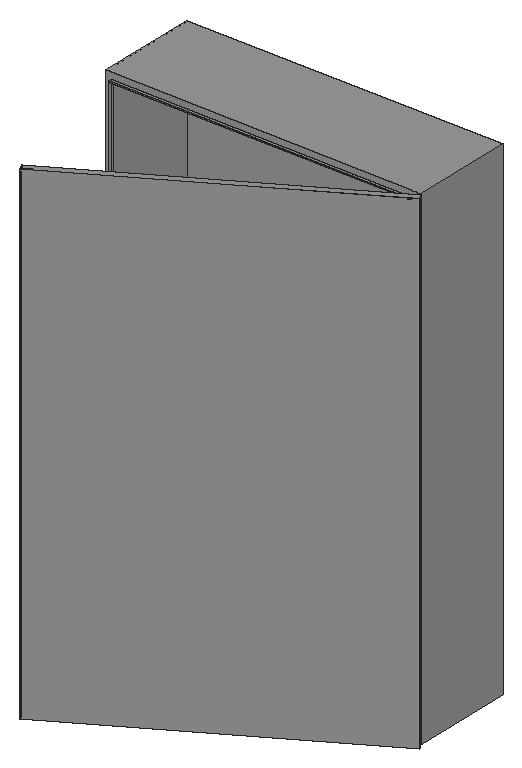
Revit family "Hager-Univers-IP55-D275-H1250-Cl.I-Steel_encl-NoHosted-CH-fr", category Electrical Equipment, Revit 2020
Family settings
  Panel Configuration = Two Columns, Circuits Across
  Round Connector Dimension = Use Diameter
  Part Type = Panelboard
  Work Plane-Based = Yes
  Always vertical = Yes
  Cut with Voids When Loaded = No
  Shared = No
  Room Calculation Point = No
Parameters (values of type "saillie IP55 L800 H1250 P275  - FR83E")
  Width Control [instance] = if([EF000008 - largeur] > Min Width, [EF000008 - largeur], Min Width)  # 800 mm
  Type Comments = [HG000003 - Gamme]  # "Univers"
  Thickness Door [instance] = if([EF009171 - épaisseur de matériau de la porte/du couvercle] > 3 mm, 3 mm, [EF009171 - épaisseur de matériau de la porte/du couvercle])  # 1.5 mm
  Seal Frame Offset [instance] = 17 mm  # constant formula
  Plinth Visibility [instance] = [HG000027 - Hauteur du socle] > 0 mm  # no
  Min Width [instance] = 100 mm  # constant formula
  Min Depth [instance] = (2 * [EF009170 - épaisseur de matériau du boîtier]) + 1 mm  # 4 mm
  Min Height [instance] = 100 mm  # constant formula
  Internal Frame Depth [instance] = (Door System Depth * 0.5)  # 9 mm
  Panel Name [instance] = ""  # (empty or 0)
  Model = ""
  HG000027 - Hauteur du socle = 0 mm
  HG000026 - Installation au sol = no
  HG000024 - Hauteur de la section basse = 600 mm
  HG000023 - Armoire double section = no
  HG000016 - Visibilité de la porte 3D [instance] = yes
  HG000015 - Visibilité de l'emprise de la porte [instance] = no
  HG000014 - Porte à droite [instance] = yes
  HG000013 - Porte à gauche [instance] = not([HG000014 - Porte à droite])  # no
  HG000012 - Angle de pivotement de la porte [instance] = 30.00°
  HG000010 - Portes asymétriques = no
  HG000009 - Porte à double battant = no
  HG000006 - Encastré = no
  HG000004 - Référence fabricant = "FR83E"
  HG000003 - Gamme = "Univers"
  HG000002 - avec porte = yes
  Frame Offset Bottom [instance] = 10 mm  # constant formula
  Frame Offset [instance] = 15 mm  # constant formula
  EF015940 - couvercle avec décharge de pression = no
  EF011959 - degré de protection (NEMA) = ""
  EF009554 - nombre d'ouvertures pour plaques à bride = 6
  EF009212 - finition du couvercle = "EV000116 - fermé"
  EF009171 - épaisseur de matériau de la porte/du couvercle = 1.5 mm
  EF009170 - épaisseur de matériau du boîtier = 1.5 mm
  EF008873 - courant nominal (In) = 800 A
  EF007800 - adapté à un parafoudre = no
  EF006306 - avec serrure = no
  EF006244 - couvercle/porte transparent(e) = no
  EF005474 - indice de protection (IP) = "EV006420 - IP55"
  EF004464 - type de porte = "EV002646 - unique"
  EF004427 - nombre de modules = 288
  EF004293 - indice de protection contre les chocs (IK) = "EV008784 - IK10"
  EF003532 - convient pour utilisation à l’extérieur = no
  EF002950 - largeur en nombre de modules = 24
  EF001613 - maintien de fonction = "EV000494 - sans"
  EF001596 - matériau du boîtier/corps = "EV000179 - acier"
  EF001131 - profondeur intérieure = 275 mm
  EF001088 - possibilité de montage en saillie = yes
  EF000437 - nombre d'entrées de conduit = 6
  EF000339 - type de capot = "EV004216 - porte"
  EF000266 - nombre de rangées = 8
  EF000218 - profondeur d'encastrement = 0 mm
  EF000118 - avec cadre/support de montage = no
  EF000116 - numéro RAL = "7035"
  EF000049 - profondeur = 275 mm
  EF000040 - hauteur = 1250 mm
  EF000008 - largeur = 800 mm
  EF000007 - couleur = "EV000270 - gris"
  EF000003 - mode de pose = "EV000384 - saillie"
  Door System Leaf Tolerance [instance] = 1.5 mm  # constant formula
  Door System Depth [instance] = 18 mm  # constant formula
  Door Height [instance] = Height Control - [HG000027 - Hauteur du socle]  # 1250 mm
  Description = ""
  Default Elevation = 1219.2 mm
  Connector Offset [instance] = Height Control / 2  # 625 mm
  Manufacturer = "Hager"  # constant formula
  Height Control [instance] = if([EF000040 - hauteur] > Min Height, [EF000040 - hauteur], Min Height)  # 1250 mm
  Depth Control [instance] = if([EF000049 - profondeur] > Min Depth, [EF000049 - profondeur], Min Depth)  # 275 mm
  Bottom Top Plate Trim [instance] = 1.5 mm  # constant formula
  Plinth height Ctrl [instance] = if([HG000027 - Hauteur du socle] > 0 mm, [HG000027 - Hauteur du socle], 12 mm)  # 12 mm
Types (5, lengths in mm): name | Width Control | HG000010 - Portes asymétriques | HG000009 - Porte à double battant | HG000004 - Référence fabricant | EF009554 - nombre d'ouvertures pour plaques à bride | EF004464 - type de porte | EF004427 - nombre de modules | EF000437 - nombre d'entrées de conduit | EF000008 - largeur
  saillie IP55 L1050 H1250 P275  - FR84E | 1050 | no | yes | "FR84E" | 8 | "EV003602 - double" | 384 | 8 | 1050
  saillie IP55 L1300 H1250 P275  - FR85E | 1300 | yes | yes | "FR85E" | 10 | "EV003602 - double" | 480 | 10 | 1300
  saillie IP55 L300 H1250 P275  - FR81E | 300 | no | no | "FR81E" | 2 | "EV002646 - unique" | 96 | 2 | 300
  saillie IP55 L550 H1250 P275  - FR82E | 550 | no | no | "FR82E" | 4 | "EV002646 - unique" | 192 | 4 | 550
  saillie IP55 L800 H1250 P275  - FR83E | 800 | no | no | "FR83E" | 6 | "EV002646 - unique" | 288 | 6 | 800
Reference planes
  plane 1 "Center (Front/Back)": y = 0
  plane 2: z = 0
  plane 3 "Center (Left/Right)": x = 0
  plane 4: y = 0
  plane 5: y = 0
  plane 6: z = 0
  plane 7: x = -400
  plane 8: x = 400
  plane 9: x = 398.5
  plane 10: x = -398.5
  plane 11: z = 0
  plane 12: z = 1.5
  plane 13: y = -275
  plane 14: y = -1.5
  plane 15: x = 0
  plane 16: y = -257
  plane 17: y = -273.5
  plane 18: y = -255.5
  plane 19: x = -383.5
  plane 20: x = 383.5
  plane 21: z = 11.5
  plane 22: x = -383
  plane 23: x = 383
  plane 24: z = 0
  plane 25: z = 1250
  plane 26: z = 1250
  plane 27: z = 1233.5
  plane 28: z = 1248.5
Forms (mm)
  Extrusion 1, solid, material "Hager_Steel_RAL7035_Light_Grey", detail levels medium+fine
    sketch origin (-208.679, -4572, 0) x (-1, 0, 0) y (0, -1, 0)
      loop
        line (191.321, -4315) -> (-608.679, -4315) -> (-608.679, -4572) -> (191.321, -4572) -> (191.321, -4315)
    from 0 to 1250
  Extrusion 2, void
    sketch origin (-350.771, -275, 1219.2) x (1, 0, 0) y (0, 0, 1)
      loop
        line (-47.729, 29.3) -> (-47.729, -1217.7) -> (749.271, -1217.7) -> (749.271, 29.3) -> (-47.729, 29.3)
    from -19.5 to -273.5
  Extrusion 3, void
    sketch origin (-290.084, -257, 1219.2) x (1, 0, 0) y (0, 0, 1)
      loop
        line (-93.416, -1207.7) -> (673.584, -1207.7) -> (673.584, 14.3) -> (-93.416, 14.3) -> (-93.416, -1207.7)
    from 0 to -1.5
  Extrusion 4, solid, material "Hager_Steel_RAL7035_Light_Grey", visible <- "Plinth Visibility", detail levels medium+fine
    sketch origin (0, 0, 0) x (1, 0, 0) y (0, 1, 0)
      loop
        line (-400, 0) -> (-400, -257) -> (400, -257) -> (400, 0) -> (-400, 0)
    from 0 to 12 <- "Plinth height Ctrl"
  Extrusion 5, solid, material "Hager_Steel_RAL7035_Light_Grey", detail levels coarse
    sketch origin (0, 0, 0) x (1, 0, 0) y (0, 1, 0)
      loop
        line (-400, 0) -> (-400, -275) -> (400, -275) -> (400, 0) -> (-400, 0)
    from 0 to 1250 <- "Height Control"
  Sweep 6, void
    path in 3D
      loop
        line (-400, -257, 12) -> (400, -257, 12) -> (400, 0, 12) -> (-400, 0, 12) -> (-400, -257, 12)
    profile origin (-400, -128.5, 12) x (1, 0, 0) y (0, 0, 1)
      loop
        line (0, 0) -> (0, -1.5) -> (1.5, -1.5)
        arc (1.5, -1.5) -> (1.061, -0.439) -> (0, 0) r 1.5
  Extrusion 7, solid, material "Hager_Steel_RAL7035_Light_Grey", detail levels fine
    sketch origin (-400, -257, 0) x (1, 0, 0) y (0, 0, 1)
      loop
        line (16.5, 11.5) -> (783.5, 11.5) -> (783.5, 1233.5) -> (16.5, 1233.5) -> (16.5, 11.5)
      loop
        line (15, 10) -> (785, 10) -> (785, 1235) -> (15, 1235) -> (15, 10)
    from 0 to 9 <- "Internal Frame Depth"
Cuts and joins
  Extrusion 2, Extrusion 3 cuts Extrusion 1
  Sweep 6 cuts Extrusion 4
Lines and regions (mm)
  Masking region 1
    outline origin (0, 0, 0) x (1, 0, 0) y (0, 1, 0)
      loop
        line (-400, 0) -> (-400, -275) -> (400, -275) -> (400, 0) -> (-400, 0)
  Masking region 2, detail levels coarse
    outline origin (-290.084, -257, 1219.2) x (-1, 0, 0) y (0, 0, 1)
      loop
        line (-690.084, -1219.2) -> (109.916, -1219.2) -> (109.916, 30.8) -> (-690.084, 30.8) -> (-690.084, -1219.2)
  Masking region 3, detail levels coarse
    outline origin (0, 0, 0) x (0, 1, 0) y (0, 0, 1)
      loop
        line (0, 0) -> (0, 1250) -> (-275, 1250) -> (-275, 0) -> (0, 0)
  Masking region 4, visible <- "Plinth Visibility", detail levels medium+fine
    outline origin (0, 0, 0) x (0, 1, 0) y (0, 0, 1)
      loop
        line (-1.5, 12) -> (-255.5, 12)
        arc (-255.5, 12) -> (-255.939, 10.939) -> (-257, 10.5) r 1.5
        line (-257, 10.5) -> (-257, 0) -> (0, 0) -> (0, 10.5)
        arc (0, 10.5) -> (-1.061, 10.939) -> (-1.5, 12) r 1.5
  Masking region 5, detail levels medium+fine
    outline origin (0, 0, 594.038) x (0, 1, 0) y (0, 0, 1)
      loop
        line (0, -594.038) -> (0, 655.962) -> (-257, 655.962) -> (-257, -594.038) -> (0, -594.038)
  Masking region 6, detail levels medium+fine
    outline origin (-359.7, -257, 1211.883) x (-1, 0, 0) y (0, 0, 1)
      loop
        line (-759.7, -1211.883) -> (40.3, -1211.883) -> (40.3, 38.117) -> (-759.7, 38.117) -> (-759.7, -1211.883)
  Masking region 7, visible <- "Plinth Visibility", detail levels medium+fine
    outline origin (-320.334, -257, 1041.368) x (-1, 0, 0) y (0, 0, 1)
      loop
        line (-720.334, -1041.368) -> (79.666, -1041.368) -> (79.666, -1030.868)
        arc (79.666, -1030.868) -> (78.606, -1030.429) -> (78.166, -1029.368) r 1.5
        line (78.166, -1029.368) -> (-718.834, -1029.368)
        arc (-718.834, -1029.368) -> (-719.273, -1030.429) -> (-720.334, -1030.868) r 1.5
        line (-720.334, -1030.868) -> (-720.334, -1041.368)
  sketch lines
    curve 1: line (-400, 0, 12) -> (-400, -257, 12)
    curve 2: line (-400, -257, 12) -> (400, -257, 12)
    curve 3: line (400, 0, 12) -> (-400, 0, 12)
    curve 4: line (400, -257, 12) -> (400, 0, 12)
Dimensions and locks
  locked: plane 1 "Center (Front/Back)" to plane 5
  "EF009170 - épaisseur de matériau du boîtier": plane 7 to plane 10
  "EF009170 - épaisseur de matériau du boîtier": plane 8 to plane 9
  equal spacing: plane 7, plane 3 "Center (Left/Right)", plane 8
  "Width Control": plane 7 to plane 8
  "Depth Control": plane 4 to plane 13
  "EF009170 - épaisseur de matériau du boîtier": plane 4 to plane 14
  "Height Control": plane 25 to level
  "HG000027 - Hauteur du socle": plane 11 to level
  "EF009170 - épaisseur de matériau du boîtier": plane 12 to plane 11
  "EF009170 - épaisseur de matériau du boîtier": plane 17 to plane 13
  "EF009170 - épaisseur de matériau du boîtier": plane 18 to plane 16
  "Frame Offset Bottom": plane 21 to plane 12
  "Frame Offset": plane 10 to plane 19
  "Frame Offset": plane 9 to plane 20
  "Door System Depth": plane 16 to plane 13
  "Seal Frame Offset": plane 7 to plane 22
  "Seal Frame Offset": plane 8 to plane 23
  "EF009170 - épaisseur de matériau du boîtier": plane 26 to plane 28
  "Frame Offset": plane 28 to plane 27
  "Connector Offset": plane 2 to connector elem
  "Bottom Top Plate Trim": profile plane to Sweep 6 sketch curve
  "Bottom Top Plate Trim": Sweep 6 sketch curve to Sweep 6 sketch curve
  "Plinth height Ctrl": Masking region 4 sketch curve to level
  "Plinth height Ctrl": Masking region 7 sketch curve to level
  "Thickness Door": Extrusion 7 sketch curve to Extrusion 7 sketch curve  (x4)
  "Bottom Top Plate Trim": radius of Sweep 6 sketch curve
  "Bottom Top Plate Trim": radius of Masking region 4 sketch curve  (x2)
  "Bottom Top Plate Trim": radius of Masking region 7 sketch curve  (x2)
  aligned and locked: Extrusion 2 sketch curve to plane 12
  aligned and locked: Extrusion 2 sketch curve to plane 9
  aligned and locked: Extrusion 2 sketch curve to plane 10
  aligned and locked: Extrusion 2 to plane 14
  aligned and locked: Extrusion 1 sketch curve to plane 4
  aligned and locked: plane 8 to Extrusion 1 sketch curve
  aligned and locked: plane 7 to Extrusion 1 sketch curve
  aligned and locked: Extrusion 2 to plane 18
  aligned and locked: Extrusion 3 sketch curve to plane 19
  aligned and locked: plane 20 to Extrusion 3 sketch curve
  aligned and locked: Extrusion 3 to Extrusion 2
  aligned and locked: Extrusion 3 sketch curve to plane 21
  aligned and locked: plane 3 "Center (Left/Right)" to nested 1
  aligned and locked: Extrusion 1 sketch curve to plane 16
  aligned and locked: Extrusion 4 sketch curve to cut or joined group of Extrusion 1, Extrusion 2, Extrusion 3
  aligned and locked: Masking region 1 sketch curve to plane 7
  aligned and locked: Masking region 1 sketch curve to plane 5
  aligned and locked: Masking region 1 sketch curve to plane 8
  aligned and locked: Masking region 2 sketch curve to level
  aligned and locked: level to Masking region 3 sketch curve
  aligned and locked: plane 1 "Center (Front/Back)" to Masking region 3 sketch curve
  aligned and locked: plane 13 to Masking region 3 sketch curve
  aligned and locked: plane 5 to Masking region 4 sketch curve
  aligned and locked: Masking region 2 sketch curve to plane 8
  aligned and locked: Masking region 2 sketch curve to plane 7
  aligned and locked: plane 7 to nested 2
  aligned and locked: nested 2 to plane 5
  aligned and locked: plane 5 to Masking region 5 sketch curve
  aligned and locked: plane 26 to Masking region 5 sketch curve
  aligned and locked: Extrusion 5 sketch curve to plane 8
  aligned and locked: Extrusion 5 sketch curve to plane 7
  aligned and locked: Extrusion 5 sketch curve to plane 5
  aligned and locked: Extrusion 3 sketch curve to plane 27
  aligned and locked: Extrusion 2 sketch curve to plane 28
  aligned and locked: Masking region 2 to plane 25
  aligned and locked: Extrusion 4 to plane 16
  aligned and locked: profile plane to Sweep 6 sketch curve
  aligned and locked: Masking region 5 sketch curve to plane 24
  aligned and locked: level to Masking region 4 sketch curve
  aligned and locked: Masking region 1 to plane 13
  aligned and locked: nested 1 to plane 16
  aligned and locked: Masking region 3 to plane 25
  aligned and locked: plane 16 to Masking region 4 sketch curve
  aligned and locked: Masking region 5 sketch curve to plane 16
  aligned and locked: plane 24 to plane 11
  aligned and locked: plane 26 to plane 25
  aligned and locked: plane 26 to cut or joined group of Extrusion 1, Extrusion 2, Extrusion 3
  aligned and locked: nested 1 to plane 24
  aligned and locked: Extrusion 1 to Extrusion 3
  aligned and locked: Masking region 6 sketch curve to plane 8
  aligned and locked: Masking region 6 sketch curve to plane 24
  aligned and locked: Masking region 6 sketch curve to plane 7
  aligned and locked: Masking region 6 sketch curve to plane 26
  aligned and locked: Masking region 7 sketch curve to plane 7
  aligned and locked: level to Masking region 7 sketch curve
  aligned and locked: Masking region 7 sketch curve to plane 8
  aligned and locked: Extrusion 7 sketch curve to cut or joined group of Extrusion 1, Extrusion 2, Extrusion 3  (x4)
Automatic sketch dimensions
  plane 19 to Extrusion 3 sketch curve = 0 mm
  Extrusion 3 sketch curve to plane 20 = 0 mm
  Extrusion 3 sketch curve to plane 21 = 0 mm
  Extrusion 4 sketch curve to plane 7 = 0 mm
  Extrusion 4 sketch curve to plane 8 = 0 mm
  Extrusion 4 sketch curve to plane 16 = 0 mm
  Masking region 1 sketch curve to plane 13 = 0 mm
  Masking region 2 sketch curve to plane 25 = 0 mm
  Masking region 3 sketch curve to plane 25 = 0 mm
  Extrusion 5 sketch curve to plane 13 = 0 mm
  profile plane to Sweep 6 sketch curve = 0 mm
Nested families
  nested 1: "EC000058_Univers_Door" at (0, -257, 0), Double <- "HG000009 - Porte à double battant", Transparent <- "EF006244 - couvercle/porte transparent(e)", Angle <- "HG000012 - Angle de pivotement de la porte", Door_Right <- "HG000014 - Porte à droite", Assymetrical <- "HG000010 - Portes asymétriques", Door <- "HG000002 - avec porte", Width_Ctrl <- "Width Control", 3d_Door <- "HG000016 - Visibilité de la porte 3D", Clearance <- "HG000015 - Visibilité de l'emprise de la porte", Door_Left <- "HG000013 - Porte à gauche", Width <- "Width Control", Door_Depth <- "Door System Depth", Leaf_Tolerance <- "Door System Leaf Tolerance", Height <- "Door Height", Lock_Visibility <- "EF006306 - avec serrure", Thickness <- "Thickness Door", type "EC000058_Univers_Door", detail levels medium+fine
    with min_wh 4 mm, Width_Ctrl 800 mm, Width 800 mm, Transparent no, Thickness 1.5 mm, Seal_Material Hager_Rubber, Lock_Visibility no, Lock_Material Hager_Plastic_RAL9005_Jet_Black, Leaf_Width 800 mm, Leaf_Tolerance_External_Sides 0 mm, Leaf_Tolerance 1.5 mm, Leaf_Offset 0 mm, Leaf_Height 1247 mm, Leaf_2_Width 800 mm, Leaf_2_Offset 400 mm, Leaf_1_Width 800 mm, Leaf_1_Offset 400 mm, Height_Ctrl 1250 mm, Height 1250 mm, Glass_Material Hager_Glass, Double_Clearance_Ctrl no, Double no, Door_Right_Ctrl yes, Door_Right yes, Door_Material Hager_Steel_RAL7035_Light_Grey, Door_Left_Ctrl no, Door_Left no, Door_Depth 18 mm, Door yes, Clearance_Material Hager_Clearance, Clearance_Depth 800 mm, Clearance_Ctrl no, Clearance no, Assymetrical no, Angle 30.00°, 3d_Door yes
  nested 2: "Hager_Enclosure_Symbol" at (-400, 0, 0), Height <- "Depth Control", Width <- "Width Control", type "Hager_Enclosure_Symbol"
    with Width_Ctrl 800 mm, Width 800 mm, Height_Ctrl 275 mm, Height 275 mm, A_Width_Int 18.047 mm, A_Width 216.562 mm, A_Height_Ctrl 240.625 mm, A_Height 240.625 mm
Connectors
  electrical at (0, 0, 625)
    settings: on plane 1 "Center (Front/Back)", index 1, voltage 0 V, apparent load 0 VA, apparent load phase1 0 VA, apparent load phase2 0 VA, apparent load phase3 0 VA, power factor 1, load classification "Other", number of poles 1, system type 30, power factor state 1, is connector primary yes, connector utility no, sub classification motor no, connector description ""
Definition of nested family "EC000058_Univers_Door"
  Parameters (values of type "EC000058_Univers_Door")
    min_wh [instance] = (2 * Thickness) + 1 mm  # 11 mm
    Width_Ctrl [instance] = 400 mm
    Width [instance] = 500 mm
    Transparent [instance] = yes
    Thickness [instance] = 5 mm
    Seal_Material [instance] = none
    Lock_Visibility [instance] = yes
    Lock_Material [instance] = none
    Leaf_Width [instance] = if((Width_Ctrl - 2 * Leaf_Tolerance_External_Sides) > 0 mm, (Width_Ctrl - 2 * Leaf_Tolerance_External_Sides), min_wh)  # 400 mm
    Leaf_Tolerance_External_Sides [instance] = 0 mm  # constant formula
    Leaf_Tolerance [instance] = 1.5 mm
    Leaf_Offset [instance] = 0 mm  # constant formula
    Leaf_Height [instance] = if((Height_Ctrl - 2 * Leaf_Tolerance) > 0 mm, (Height_Ctrl - 2 * Leaf_Tolerance), min_wh)  # 497 mm
    Leaf_2_Width [instance] = if(and(and(Double, Assymetrical), Door_Left), (Leaf_Width / 3) - (Leaf_Tolerance / 2), if(and(and(Double, Assymetrical), Door_Right), (Leaf_Width / 3) * 2 - (Leaf_Tolerance / 2), if(and(Double, not(Assymetrical)), (Leaf_Width / 2) - Leaf_Tolerance, Leaf_Width)))  # 400 mm
    Leaf_2_Offset [instance] = if(and(Double, Assymetrical), Leaf_2_Width / 2, if(and(Double, not(Assymetrical)), Leaf_Width / 4, Leaf_Width / 2))  # 200 mm
    Leaf_1_Width [instance] = if(and(and(Double, Assymetrical), Door_Right), (Leaf_Width / 3) - (Leaf_Tolerance / 2), if(and(and(Double, Assymetrical), Door_Left), (Width / 3) * 2 - (Leaf_Tolerance / 2), if(and(Double, not(Assymetrical)), (Leaf_Width / 2) - Leaf_Tolerance, Leaf_Width)))  # 400 mm
    Leaf_1_Offset [instance] = if(and(Double, Assymetrical), Leaf_1_Width / 2, if(and(Double, not(Assymetrical)), Leaf_Width / 4, Leaf_Width / 2))  # 200 mm
    Height_Ctrl [instance] = if(Height > min_wh, Height, min_wh)  # 500 mm
    Height [instance] = 500 mm
    Glass_Material [instance] = none
    Double_Clearance_Ctrl [instance] = and(Double, Clearance)  # no
    Double [instance] = no
    Door_Right_Ctrl [instance] = and(or(Door_Right, Double), Door)  # yes
    Door_Right [instance] = yes
    Door_Material [instance] = none
    Door_Left_Ctrl [instance] = and(or(Door_Left, Double), Door)  # no
    Door_Left [instance] = no
    Door_Depth [instance] = 30 mm
    Door [instance] = yes
    Default Elevation = 1219.2 mm
    Clearance_Material [instance] = none
    Clearance_Depth [instance] = if(Leaf_1_Width > Leaf_2_Width, Leaf_1_Width, Leaf_2_Width)  # 400 mm
    Clearance_Ctrl [instance] = and(not(Double), Clearance)  # yes
    Clearance [instance] = yes
    Assymetrical [instance] = yes
    Angle [instance] = 30.00°
    3d_Door [instance] = yes
  Reference planes
    plane 1 "Center (Front/Back)": y = 0
    plane 2 "Bottom": z = 0
    plane 3 "Center (Left/Right)": x = 0
    plane 4: z = 500
    plane 5: x = -200
    plane 6: x = 200
    plane 7: z = 500
    plane 8: x = -200
    plane 9: z = 0
    plane 10: x = 200
    plane 11: y = 0
    plane 12: z = 1.5
    plane 13: x = -600
    plane 14: y = -400
    plane 15: x = 600
    plane 16: x = 0
    plane 17: x = 0
    plane 18: x = -200
    plane 19: x = 200
    plane 20: z = 498.5
  Forms (mm)
    Extrusion 1, solid, material <- "Clearance_Material", visible <- "Double_Clearance_Ctrl"
      sketch origin (1200, 0, 0) x (1, 0, 0) y (0, 0, -1)
        loop
          line (-1800, -498.5) -> (-600, -498.5) -> (-600, 0) -> (-1800, 0) -> (-1800, -498.5)
      from 0 to -400
  Dimensions and locks
    equal spacing: plane 5, plane 3 "Center (Left/Right)", plane 6
    "Width_Ctrl": plane 5 to plane 6
    "Leaf_Offset": plane 5 to plane 8
    "Leaf_Offset": plane 6 to plane 10
    "Leaf_Offset": plane 9 to level
    "Leaf_Offset": plane 4 to plane 7
    "Height_Ctrl": plane 4 to level
    "Leaf_Tolerance": plane 12 to plane 9
    locked: plane 11 to plane 1 "Center (Front/Back)"
    "Leaf_1_Offset": plane 18 to plane 16
    "Leaf_2_Offset": plane 17 to plane 19
    "Leaf_1_Width": plane 13 to plane 8
    "Leaf_2_Width": plane 10 to plane 15
    "Clearance_Depth": plane 14 to plane 1 "Center (Front/Back)"
    "Leaf_Tolerance_External_Sides": plane 8 to plane 18
    "Leaf_Tolerance_External_Sides": plane 19 to plane 10
    "Leaf_Tolerance": plane 7 to plane 20
    aligned and locked: level to plane 2 "Bottom"
    aligned and locked: nested 1 to plane 16
    aligned and locked: nested 2 to plane 17
    aligned and locked: Extrusion 1 to plane 13
    aligned and locked: plane 15 to Extrusion 1
    aligned and locked: Extrusion 1 to plane 14
    aligned and locked: plane 12 to nested 1
    aligned and locked: nested 2 to plane 12
    aligned and locked: Extrusion 1 to plane 11
    aligned and locked: plane 20 to Extrusion 1
    aligned and locked: nested 2 to plane 11
    aligned and locked: nested 1 to plane 11
  Automatic sketch dimensions
    Extrusion 1 sketch curve to level = 0 mm
    plane 5 to Extrusion 1 sketch curve = 400 mm
    plane 6 to Extrusion 1 sketch curve = 400 mm
    Extrusion 1 sketch curve to plane 4 = 1.5 mm
  Nested families
    nested 1: "EC000058_Univers_Door_Leaf" at (0, 0, 1.5), Width <- "Leaf_1_Width", visible <- "Door_Left_Ctrl", Leaf_Height <- "Leaf_Height", Angle <- "Angle", 3d_Door <- "3d_Door", Transparent <- "Transparent", Clearance Material <- "Clearance_Material", Clearance <- "Clearance_Ctrl", Door_Material <- "Door_Material", Glass_Material <- "Glass_Material", Door_Depth <- "Door_Depth", Lock_Material <- "Lock_Material", Seal_Material <- "Seal_Material", Lock_Visibility <- "Lock_Visibility", Thickness <- "Thickness", type "EC000058_Univers_Door_Leaf"
      with Width 400 mm, Transparent_Glass_Offset 30 mm, Transparent_Ctrl yes, Transparent yes, Thickness 5 mm, Standard no, Seal_Material none, Seal_D2 8 mm, Seal_D1 1 mm, Offset_Internal_Frame 10 mm, Lock_Width 20 mm, Lock_Visibility_3d yes, Lock_Visibility yes, Lock_Thickness_3 3 mm, Lock_Thickness_2 1 mm, Lock_Thickness_1 3 mm, Lock_Radius_Offset_2 16 mm, Lock_Radius_Offset_1 15 mm, Lock_Radius_2 5 mm, Lock_Radius 6 mm, Lock_Offset 5 mm, Lock_Material none, Lock_Height 80 mm, Lock_Cover_Top_Offset_2d 17 mm, Lock_Cover_Height -65 mm, Leaf_Height 497 mm, Internal_Seal_Thickness 8 mm, Internal_Seal_Depth_2 4.5 mm, Internal_Frame_Depth 25 mm, Glass_Thickness -1 mm, Glass_Offset -2 mm, Glass_Material none, Door_Material none, Door_Depth 30 mm, Clearance Material none, Clearance yes, Angle_Ctrl 30.00°, Angle 30.00°, 3d_Door yes
    nested 2: "EC000058_Univers_Door_Leaf" at (0, 0, 1.5) x (-1, 0, 0) z (0, 0, 1), Width <- "Leaf_2_Width", visible <- "Door_Right_Ctrl", Leaf_Height <- "Leaf_Height", Angle <- "Angle", 3d_Door <- "3d_Door", Transparent <- "Transparent", Clearance Material <- "Clearance_Material", Clearance <- "Clearance_Ctrl", Door_Material <- "Door_Material", Glass_Material <- "Glass_Material", Door_Depth <- "Door_Depth", Lock_Material <- "Lock_Material", Seal_Material <- "Seal_Material", Lock_Visibility <- "Lock_Visibility", Thickness <- "Thickness", type "EC000058_Univers_Door_Leaf"
      with Width 400 mm, Transparent_Glass_Offset 30 mm, Transparent_Ctrl yes, Transparent yes, Thickness 5 mm, Standard no, Seal_Material none, Seal_D2 8 mm, Seal_D1 1 mm, Offset_Internal_Frame 10 mm, Lock_Width 20 mm, Lock_Visibility_3d yes, Lock_Visibility yes, Lock_Thickness_3 3 mm, Lock_Thickness_2 1 mm, Lock_Thickness_1 3 mm, Lock_Radius_Offset_2 16 mm, Lock_Radius_Offset_1 15 mm, Lock_Radius_2 5 mm, Lock_Radius 6 mm, Lock_Offset 5 mm, Lock_Material none, Lock_Height 80 mm, Lock_Cover_Top_Offset_2d 17 mm, Lock_Cover_Height -65 mm, Leaf_Height 497 mm, Internal_Seal_Thickness 8 mm, Internal_Seal_Depth_2 4.5 mm, Internal_Frame_Depth 25 mm, Glass_Thickness -1 mm, Glass_Offset -2 mm, Glass_Material none, Door_Material none, Door_Depth 30 mm, Clearance Material none, Clearance yes, Angle_Ctrl 30.00°, Angle 30.00°, 3d_Door yes
  Definition of nested family "EC000058_Univers_Door_Leaf"
    Parameters (values of type "EC000058_Univers_Door_Leaf")
      Width [instance] = 2000 mm
      Transparent_Glass_Offset [instance] = 30 mm
      Transparent_Ctrl [instance] = and(Transparent, [3d_Door])  # yes
      Transparent [instance] = yes
      Thickness [instance] = 5 mm
      Standard [instance] = and(not(Transparent), [3d_Door])  # no
      Seal_Material [instance] = none
      Seal_D2 [instance] = 8 mm  # constant formula
      Seal_D1 [instance] = 1 mm  # constant formula
      Offset_Internal_Frame [instance] = 10 mm  # constant formula
      Lock_Width [instance] = 20 mm  # constant formula
      Lock_Visibility_3d [instance] = and(Lock_Visibility, [3d_Door])  # yes
      Lock_Visibility [instance] = yes
      Lock_Thickness_3 [instance] = 3 mm  # constant formula
      Lock_Thickness_2 [instance] = 1 mm  # constant formula
      Lock_Thickness_1 [instance] = 3 mm  # constant formula
      Lock_Radius_Offset_2 [instance] = Lock_Radius_Offset_1 + 1 mm  # 16 mm
      Lock_Radius_Offset_1 [instance] = 15 mm  # constant formula
      Lock_Radius_2 [instance] = Lock_Radius - 1 mm  # 5 mm
      Lock_Radius [instance] = 6 mm  # constant formula
      Lock_Offset [instance] = 5 mm  # constant formula
      Lock_Material [instance] = none
      Lock_Height [instance] = 80 mm  # constant formula
      Lock_Cover_Top_Offset_2d [instance] = Lock_Radius_Offset_2 + 1 mm  # 17 mm
      Lock_Cover_Height [instance] = -(Lock_Height - Lock_Radius_Offset_1)  # -65 mm
      Leaf_Height [instance] = 2720.336 mm
      Internal_Seal_Thickness [instance] = 8 mm  # constant formula
      Internal_Seal_Depth_2 [instance] = 4.5 mm  # constant formula
      Internal_Frame_Depth [instance] = if(Door_Depth - Thickness > 5 mm, Door_Depth - Thickness, 5 mm)  # 25 mm
      Glass_Thickness [instance] = if(Thickness > 15 mm, Glass_Offset + 10 mm, -1 mm)  # -1 mm
      Glass_Offset [instance] = if(Thickness > 15 mm, -(Thickness + 10 mm) / 2, -2 mm)  # -2 mm
      Glass_Material [instance] = none
      Door_Material [instance] = none
      Door_Depth [instance] = 30 mm
      Default Elevation = 0 mm
      Clearance Material [instance] = none
      Clearance [instance] = yes
      Angle_Ctrl [instance] = if(Angle > 180.00°, 180.00°, Angle)  # 90.00°
      Angle [instance] = 90.00°
      3d_Door [instance] = yes
    Reference planes
      plane 1 "Center (Front/Back)": y = 0
      plane 2: z = 0
      plane 3 "Center (Left/Right)": x = 0
      plane 4: y = 2000
      plane 5: x = -1000
      plane 6: x = 1000
      plane 7: x = -3000
      plane 8: z = 2720.336
      plane 9: z = 30
      plane 10: z = 2690.336
      plane 11: x = 970
      plane 12: x = -970
      plane 13: y = -3
      plane 14: z = 107.833
      plane 15: y = -5
      plane 16: y = -223.314
      plane 17: x = -1000
      plane 18: z = 1360.168
      plane 19: y = 30
    Forms (mm)
      Extrusion 1, solid, material <- "Clearance Material", visible <- "Clearance"
        sketch origin (0, 0, 0) x (1, 0, 0) y (0, 0, 1)
          loop
            line (-3000, 2720.336) -> (-3000, 0) -> (1000, 0) -> (1000, 2720.336) -> (-3000, 2720.336)
        from 0 to -2000
      Extrusion 2, solid, material <- "Door_Material", visible <- "Standard", detail levels medium+fine
        sketch origin (-1000, 0, 0) x (0, 1, 0) y (-1, 0, 0)
          loop
            line (0, 30) -> (0, 25) -> (2000, 25) -> (2000, 30) -> (0, 30)
        from 0 to 2720.336 <- "Leaf_Height"
      Extrusion 3, solid, material <- "Door_Material", visible <- "Transparent_Ctrl", detail levels medium+fine
        sketch origin (-1000, 0, 0) x (0, 1, 0) y (-1, 0, 0)
          loop
            line (0, 25) -> (2000, 25) -> (2000, 30) -> (0, 30) -> (0, 25)
        from 0 to 2720.336 <- "Leaf_Height"
      Extrusion 4, void
        sketch origin (-1025, 2000, 0) x (0, 1, 0) y (0, 0, -1)
          loop
            line (-30, -2690.336) -> (-30, -30) -> (-1970, -30) -> (-1970, -2690.336) -> (-30, -2690.336)
        from 0 to 5 <- "Thickness"
      Sweep 5, solid, material <- "Seal_Material", visible <- "Transparent_Ctrl", detail levels fine
        path in 3D
          loop
            line (-1025, 30, 30) -> (-1025, 30, 2690.336) -> (-1025, 1970, 2690.336) -> (-1025, 1970, 30) -> (-1025, 30, 30)
        profile origin (-1025, 1000, 30) x (1, 0, 0) y (0, 0, 1)
          loop
            line (0, 0) -> (0, -8) -> (1, -8) -> (1, 0) -> (0, 0)
      Extrusion 6, solid, material <- "Glass_Material", visible <- "Transparent_Ctrl", detail levels medium+fine
        sketch origin (-1030, 0, 0) x (0, 1, 0) y (0, 0, -1)
          loop
            line (1970, -2690.336) -> (1970, -30) -> (30, -30) -> (30, -2690.336) -> (1970, -2690.336)
        from -2 <- "Glass_Offset" to -1 <- "Glass_Thickness"
      Extrusion 7, solid, material <- "Door_Material", visible <- "3d_Door", detail levels medium+fine
        sketch origin (-1025, 2000, 0) x (0, -1, 0) y (0, 0, -1)
          loop
            line (0, -2720.336) -> (2000, -2720.336) -> (2000, 0) -> (0, 0) -> (0, -2720.336)
          loop
            line (1995, -5) -> (5, -5) -> (5, -2715.336) -> (1995, -2715.336) -> (1995, -5)
        from 0 to 25 <- "Internal_Frame_Depth"
      Sweep 8, solid, material <- "Seal_Material", visible <- "Transparent_Ctrl", detail levels fine
        path in 3D
          loop
            line (-1025, 0, 0) -> (-1025, 2000, 0) -> (-1025, 2000, 2720.336) -> (-1025, 0, 2720.336) -> (-1025, 0, 0)
        profile origin (-1025, 0, 1360.168) x (1, 0, 0) y (0, 1, 0)
          loop
            line (0, 10) -> (2.975, 10)
            arc (2.975, 10) -> (4.053, 10.447) -> (4.5, 11.525) r 1.525
            line (4.5, 11.525) -> (4.5, 16.527)
            arc (4.5, 16.527) -> (4.069, 17.569) -> (3.027, 18) r 1.473
            line (3.027, 18) -> (0, 18) -> (0, 10)
      Extrusion 9, solid, material <- "Lock_Material", visible <- "Lock_Visibility_3d", detail levels fine
        sketch origin (-1030, 0, 0) x (0, 1, 0) y (0, 0, -1)
          loop
            arc (1993.5, -1400.168) -> (1994.561, -1399.729) -> (1995, -1398.668) r 1.5
            line (1995, -1398.668) -> (1995, -1320.168) -> (1975, -1320.168) -> (1975, -1398.668)
            arc (1975, -1398.668) -> (1975.439, -1399.729) -> (1976.5, -1400.168) r 1.5
            line (1976.5, -1400.168) -> (1993.5, -1400.168)
        from 3 <- "Lock_Thickness_1" to 0
      Blend 10, solid, material <- "Lock_Material", visible <- "Lock_Visibility_3d", detail levels fine
        base sketch origin (-1033, 0, 0) x (0, 1, 0) y (0, 0, -1)
          loop
            line (1975, -1320.168) -> (1975, -1398.668)
            arc (1975, -1398.668) -> (1975.439, -1399.729) -> (1976.5, -1400.168) r 1.5
            line (1976.5, -1400.168) -> (1993.5, -1400.168)
            arc (1993.5, -1400.168) -> (1994.561, -1399.729) -> (1995, -1398.668) r 1.5
            line (1995, -1398.668) -> (1995, -1320.168) -> (1975, -1320.168)
        top sketch origin (-1033, 0, 0) x (0, 1, 0) y (0, 0, -1)
          loop
            line (1976, -1320.168) -> (1976, -1398.668)
            arc (1976, -1398.668) -> (1976.146, -1399.022) -> (1976.5, -1399.168) r 0.5
            line (1976.5, -1399.168) -> (1993.5, -1399.168)
            arc (1993.5, -1399.168) -> (1993.854, -1399.022) -> (1994, -1398.668) r 0.5
            line (1994, -1398.668) -> (1994, -1320.168) -> (1976, -1320.168)
        from 0 to 1 <- "Lock_Thickness_2"
      Blend 11, solid, material <- "Lock_Material", visible <- "Lock_Visibility_3d", detail levels fine
        base sketch origin (-1034, 0, 0) x (0, 1, 0) y (0, 0, -1)
          loop
            line (1978, -1320.168) -> (1978, -1384.168)
            arc (1978, -1384.168) -> (1985, -1391.168) -> (1992, -1384.168) r 7
            line (1992, -1384.168) -> (1992, -1320.168) -> (1978, -1320.168)
        top sketch origin (-1034, 0, 0) x (0, 1, 0) y (0, 0, -1)
          loop
            line (1991, -1320.168) -> (1979, -1320.168) -> (1979, -1383.168)
            arc (1979, -1383.168) -> (1985, -1389.168) -> (1991, -1383.168) r 6
            line (1991, -1383.168) -> (1991, -1320.168)
        from 0 to 3 <- "Lock_Thickness_3"
      Extrusion 12, solid, material <- "Lock_Material", visible <- "Lock_Visibility_3d", detail levels fine
        sketch origin (-1030, 1975, 1320.168) x (1, 0, 0) y (0, -1, 0)
          loop
            line (-7, -19) -> (-7, -1) -> (0, -1) -> (0, 0) -> (-8, 0) -> (-8, -20) -> (0, -20) -> (0, -19) -> (-7, -19)
        from 0 to -65 <- "Lock_Cover_Height"
      Extrusion 13, void
        sketch origin (-1038, 1995, 1320.168) x (-1, 0, 0) y (0, 0, -1)
          loop
            line (-5, -65) -> (0, -65) -> (-5, -60) -> (-5, -65)
        from 0 to 20 <- "Lock_Width"
      Extrusion 14, void
        sketch origin (-1038, 1975, 1320.168) x (0, -1, 0) y (0, 0, -1)
          loop
            circle (-10, -15.995) r 6
          loop
            circle (-10, -15.995) r 5
        from 0 to 2
      Extrusion 15, solid, material <- "Lock_Material", visible <- "Lock_Visibility_3d", detail levels medium
        sketch origin (-1030, 0, 0) x (0, 1, 0) y (0, 0, -1)
          loop
            arc (1993.5, -1400.168) -> (1994.561, -1399.729) -> (1995, -1398.668) r 1.5
            line (1995, -1398.668) -> (1995, -1320.168) -> (1975, -1320.168) -> (1975, -1398.668)
            arc (1975, -1398.668) -> (1975.439, -1399.729) -> (1976.5, -1400.168) r 1.5
            line (1976.5, -1400.168) -> (1993.5, -1400.168)
        from 8 to 0
    Cuts and joins
      Extrusion 4 cuts Extrusion 3
      Extrusion 13, Extrusion 14 cuts Extrusion 9
      Extrusion 14 cuts Blend 11
      Extrusion 13, Extrusion 14 cuts Extrusion 12
      joined: Extrusion 9, Blend 10, Blend 11, Extrusion 12
      Extrusion 14 cuts Extrusion 15
    Lines and regions (mm)
      Masking region 1, visible <- "Lock_Visibility", detail levels fine
        outline origin (0, 0, 0) x (0, 1, 0) y (0, 0, 1)
          loop
            line (30, 1320.168) -> (33, 1320.168) -> (33, 1400.168) -> (30, 1400.168) -> (30, 1320.168)
      Masking region 2, visible <- "Lock_Visibility", detail levels fine
        outline origin (0, 3.143, 0) x (0, 1, 0) y (0, 0, 1)
          loop
            line (29.857, 1354.168) -> (30.857, 1354.168) -> (30.857, 1366.168) -> (29.857, 1366.168) -> (29.857, 1354.168)
      Masking region 3, detail levels medium+fine
        outline origin (0, 0, 0) x (0, 1, 0) y (0, 0, 1)
          loop
            line (0, 0) -> (30, 0) -> (30, 2720.336) -> (0, 2720.336) -> (0, 0)
      Masking region 4, detail levels medium+fine
        outline origin (0, 0, 0) x (1, 0, 0) y (0, 0, 1)
          loop
            line (-1000, 2720.336) -> (-1000, 0) -> (1000, 0) -> (1000, 2720.336) -> (-1000, 2720.336)
      Masking region 5, visible <- "Lock_Visibility", detail levels fine
        outline origin (-47.116, 0, 0) x (1, 0, 0) y (0, 0, 1)
          loop
            arc (1024.616, 1399.168) -> (1023.556, 1398.729) -> (1023.116, 1397.668) r 1.5
            line (1023.116, 1397.668) -> (1023.116, 1320.168) -> (1041.116, 1320.168) -> (1041.116, 1397.668)
            arc (1041.116, 1397.668) -> (1040.677, 1398.729) -> (1039.616, 1399.168) r 1.5
            line (1039.616, 1399.168) -> (1024.616, 1399.168)
      Masking region 6, visible <- "Lock_Visibility", detail levels medium+fine
        outline origin (-25, 0, 0) x (1, 0, 0) y (0, 0, 1)
          loop
            arc (1001.5, 1400.168) -> (1000.439, 1399.729) -> (1000, 1398.668) r 1.5
            line (1000, 1398.668) -> (1000, 1320.168) -> (1020, 1320.168) -> (1020, 1398.668)
            arc (1020, 1398.668) -> (1019.561, 1399.729) -> (1018.5, 1400.168) r 1.5
            line (1018.5, 1400.168) -> (1001.5, 1400.168)
      Masking region 7, visible <- "Lock_Visibility", detail levels fine
        outline origin (-73.735, 0, 0) x (1, 0, 0) y (0, 0, 1)
          loop
            line (1051.735, 1382.168) -> (1065.735, 1382.168) -> (1065.735, 1384.168)
            arc (1065.735, 1384.168) -> (1058.735, 1391.168) -> (1051.735, 1384.168) r 7
            line (1051.735, 1384.168) -> (1051.735, 1382.168)
      Masking region 8, visible <- "Lock_Visibility", detail levels fine
        outline origin (-73.735, 0, 0) x (1, 0, 0) y (0, 0, 1)
          loop
            line (1052.735, 1382.168) -> (1064.735, 1382.168) -> (1064.735, 1383.168)
            arc (1064.735, 1383.168) -> (1058.735, 1389.168) -> (1052.735, 1383.168) r 6
            line (1052.735, 1383.168) -> (1052.735, 1382.168)
      Masking region 9, visible <- "Lock_Visibility", detail levels fine
        outline origin (-25, 0, 0) x (1, 0, 0) y (0, 0, 1)
          loop
            line (1020, 1320.168) -> (1020, 1382.168) -> (1000, 1382.168) -> (1000, 1320.168) -> (1020, 1320.168)
      Masking region 10, detail levels medium+fine
        outline origin (0, 0, 0) x (1, 0, 0) y (0, 0, 1)
          loop
            circle (985, 1335.144) r 6
      Masking region 11, detail levels fine
        outline origin (0, 0, 0) x (1, 0, 0) y (0, 0, 1)
          loop
            circle (985, 1335.144) r 5
      Masking region 12, visible <- "Lock_Visibility", detail levels fine
        outline origin (0, 12.767, 0) x (0, 1, 0) y (0, 0, 1)
          loop
            line (20.233, 1320.168) -> (21.233, 1320.168) -> (21.233, 1399.168) -> (20.233, 1400.168) -> (20.233, 1320.168)
      Masking region 13, visible <- "Lock_Visibility", detail levels fine
        outline origin (0, 13.767, -10) x (0, 1, 0) y (0, 0, 1)
          loop
            line (20.233, 1330.168) -> (23.233, 1330.168) -> (23.233, 1399.168) -> (20.233, 1402.168) -> (20.233, 1330.168)
      Masking region 14, visible <- "Lock_Visibility", detail levels fine
        outline origin (0, 12.767, -10) x (0, 1, 0) y (0, 0, 1)
          loop
            line (20.233, 1330.168) -> (25.233, 1330.168) -> (25.233, 1399.305) -> (20.233, 1394.305) -> (20.233, 1330.168)
      Masking region 15, visible <- "Lock_Visibility", detail levels medium
        outline origin (0, 0, 0) x (0, 1, 0) y (0, 0, 1)
          loop
            line (30, 1320.168) -> (38, 1320.168) -> (38, 1400.168) -> (30, 1400.168) -> (30, 1320.168)
      Masking region 16, visible <- "Lock_Visibility", detail levels fine
        outline origin (-1000, 0, 0) x (0, 1, 0) y (-1, 0, 0)
          loop
            line (1975, 30) -> (1995, 30) -> (1995, 38) -> (1975, 38) -> (1975, 30)
          loop
            line (1979, 37) -> (1976, 37) -> (1976, 34) -> (1978, 34) -> (1979, 37)
          loop
            line (1994, 37) -> (1991, 37) -> (1992, 34) -> (1994, 34) -> (1994, 37)
      Masking region 17, visible <- "Lock_Visibility", detail levels medium
        outline origin (-1000, 0, 0) x (0, 1, 0) y (-1, 0, 0)
          loop
            line (1975, 30) -> (1995, 30) -> (1995, 38) -> (1975, 38) -> (1975, 30)
      symbolic lines
        curve 1: line (1000, 0, 0) -> (-3000, 0, 0)
        curve 2: arc (1000, 0, 0) -> (-1000, 2000, 0) -> (-3000, 0, 0) r 2000
        curve 4: line (-1030, 0, 0) -> (-1030, 2000, 0)
      reference lines
        curve 3: line (-1000, 0, 0) -> (-1000, 2000, 0)
      symbolic lines, detail levels medium+fine
        curve 5: line (-1030, 2000, 0) -> (-1025, 2000, 0)
        curve 7: line (-1025, 0, 0) -> (-1030, 0, 0)
        curve 8: line (-1025, 0, 0) -> (-1000, 0, 0)
        curve 9: line (-1000, 0, 0) -> (-1000, 2000, 0)
        curve 10: line (-1000, 2000, 0) -> (-1025, 2000, 0)
      symbolic lines, detail levels fine
        curve 6: line (-1025, 2000, 0) -> (-1025, 0, 0)
      sketch lines
        curve 11: line (-1025, 0, 2720.336) -> (-1025, 0, 0)
        curve 12: line (-1025, 2000, 0) -> (-1025, 0, 0)
        curve 13: line (-1025, 2000, 2720.336) -> (-1025, 2000, 0)
        curve 14: line (-1025, 0, 2720.336) -> (-1025, 2000, 2720.336)
        curve 15: line (-1025, 1970, 30) -> (-1025, 30, 30)
        curve 16: line (-1025, 30, 30) -> (-1025, 30, 2690.336)
        curve 17: line (-1025, 1970, 2690.336) -> (-1025, 1970, 30)
        curve 18: line (-1025, 30, 2690.336) -> (-1025, 1970, 2690.336)
      symbolic lines, visible <- "Transparent", detail levels medium+fine
        curve 19: line (-970, 0, 2690.336) -> (970, 0, 2690.336)
        curve 20: line (-970, 0, 30) -> (-970, 0, 2690.336)
        curve 21: line (970, 0, 30) -> (-970, 0, 30)
        curve 22: line (970, 0, 2690.336) -> (970, 0, 30)
    Dimensions and locks
      "Width": plane 1 "Center (Front/Back)" to plane 4
      equal spacing: plane 5, plane 3 "Center (Left/Right)", plane 6
      "Width": plane 5 to plane 6
      "Width": plane 7 to plane 5
      "Leaf_Height": plane 8 to level
      "Width": curve 5 to curve 3
      "Width": curve 3 to curve 3
      plane 8 to plane 10 = 30 mm
      plane 9 to level = 30 mm
      plane 12 to plane 5 = 30 mm
      plane 6 to plane 11 = 30 mm
      Extrusion 1 to Extrusion 4 sketch curve = 30 mm
      "Transparent_Glass_Offset": curve 3 to Extrusion 4 sketch curve
      "Transparent_Glass_Offset": Extrusion 4 sketch curve to cut or joined group of Extrusion 3, Extrusion 4  (x2)
      cut or joined group of Extrusion 3, Extrusion 4 to Extrusion 6 sketch curve = 30 mm
      "Transparent_Glass_Offset": cut or joined group of Extrusion 3, Extrusion 4 to Extrusion 4 sketch curve
      "Thickness": curve 6 to curve 4
      "Thickness": Extrusion 7 sketch curve to Extrusion 7 sketch curve  (x4)
      "Door_Depth": curve 4 to curve 3
      "Offset_Internal_Frame": profile plane to Sweep 8 sketch curve
      "Internal_Seal_Thickness": Sweep 8 sketch curve to Sweep 8 sketch curve
      "Internal_Seal_Depth_2": profile plane to Sweep 8 sketch curve
      "Seal_D1": profile plane to Sweep 5 sketch curve
      "Seal_D2": profile plane to Sweep 5 sketch curve
      "Thickness": Extrusion 2 sketch curve to Extrusion 2 sketch curve
      equal spacing: Extrusion 9 sketch curve, plane 18, Extrusion 9 sketch curve  (x2)
      equal spacing: Masking region 1 sketch curve, plane 18, Masking region 1 sketch curve
      "Lock_Height": Masking region 1 sketch curve to Masking region 1 sketch curve
      "Lock_Radius": Masking region 2 sketch curve to plane 18 to Masking region 2 sketch curve
      Masking region 2 sketch curve to Masking region 1 = 1 mm
      "Door_Depth": plane 19 to plane 1 "Center (Front/Back)"
      "Lock_Thickness_1": Masking region 1 sketch curve to plane 19
      "Lock_Width": Extrusion 9 sketch curve to Extrusion 9 sketch curve
      "Lock_Height": Extrusion 9 sketch curve to Extrusion 9 sketch curve
      "Lock_Offset": cut or joined group of Extrusion 3, Extrusion 4 to Extrusion 9 sketch curve
      equal spacing: plane 8, plane 18, level
      "Lock_Radius_Offset_1": Blend 11 sketch curve to Blend 10
      locked: Blend 10 to Blend 11 sketch curve at 2  (x2)
      locked: var sketch to Blend 11 sketch curve at 1  (x2)
      "Lock_Radius_Offset_2": Blend 11 sketch curve to Blend 10
      locked: Extrusion 12 sketch curve to Extrusion 12 sketch curve at 1  (x3)
      Masking region 6 sketch curve to Masking region 6 sketch curve = 80 mm
      "Lock_Height": Masking region 6 sketch curve to Masking region 6 sketch curve
      "Lock_Width": Masking region 6 sketch curve to Masking region 6 sketch curve
      locked: Masking region 6 to Masking region 5 sketch curve at 1  (x3)
      locked: Masking region 5 to Masking region 7 sketch curve at 2  (x2)
      "Lock_Radius_Offset_1": Masking region 5 to Masking region 7 sketch curve
      "Lock_Radius_Offset_2": Masking region 5 to Masking region 8 sketch curve
      locked: Masking region 7 to Masking region 8 sketch curve at 1  (x2)
      "Lock_Cover_Top_Offset_2d": Masking region 5 to Masking region 9 sketch curve
      equal spacing: Masking region 9, Masking region 10 sketch curve, Masking region 9
      equal spacing: Masking region 9, Masking region 11 sketch curve, Masking region 9
      Extrusion 15 sketch curve to Extrusion 15 sketch curve = 80 mm
      "Lock_Width": Extrusion 15 sketch curve to Extrusion 15 sketch curve
      "Lock_Height": Extrusion 15 sketch curve to Extrusion 15 sketch curve
      equal spacing: Extrusion 15 sketch curve, plane 18, Extrusion 15 sketch curve
      "Lock_Thickness_3": Masking region 13 sketch curve to Masking region 13 sketch curve
      "Lock_Height": Masking region 12 sketch curve to Masking region 12 sketch curve
      locked: Masking region 13 sketch curve to Masking region 1 at 8
      locked: Masking region 14 sketch curve to Masking region 13 at 1
      locked: Masking region 14 sketch curve to Masking region 1 at 10.863
      "Lock_Height": Masking region 15 sketch curve to Masking region 15 sketch curve
      "Lock_Offset": Extrusion 15 sketch curve to cut or joined group of Extrusion 3, Extrusion 4
      "Lock_Offset": plane 6 to Masking region 6 sketch curve
      radius of Sweep 8 sketch curve = 1.525 mm
      radius of Sweep 8 sketch curve = 1.473 mm
      radius of Extrusion 9 sketch curve = 1.5 mm  (x2)
      "Lock_Radius": radius of Extrusion 14 sketch curve
      "Lock_Radius_2": radius of Extrusion 14 sketch curve
      "Lock_Radius": radius of Masking region 10 sketch curve
      "Lock_Radius_2": radius of Masking region 11 sketch curve
      radius of Extrusion 15 sketch curve = 1.5 mm  (x2)
      "Angle_Ctrl": angle plane 1 "Center (Front/Back)" to curve 3
      locked: Masking region 12 sketch curve to Masking region 12 sketch curve (angle 45.00°)
      locked: Masking region 13 sketch curve to Masking region 13 sketch curve (angle 45.00°)
      locked: Masking region 14 sketch curve to Masking region 14 sketch curve (angle 45.00°)
      aligned and locked: level to plane 2
      aligned and locked: Extrusion 1 to curve 1
      aligned and locked: plane 6 to Extrusion 1
      aligned and locked: Extrusion 1 to plane 1 "Center (Front/Back)"
      aligned and locked: plane 4 to Extrusion 1
      aligned and locked: plane 8 to Extrusion 1
      aligned and locked: curve 7 to Extrusion 2 sketch curve
      aligned and locked: curve 5 to Extrusion 2 sketch curve
      aligned and locked: curve 7 to Extrusion 3 sketch curve
      aligned and locked: Extrusion 3 sketch curve to curve 4
      aligned and locked: Extrusion 3 sketch curve to curve 6
      aligned and locked: Extrusion 3 sketch curve to curve 5
      aligned and locked: curve 9 to curve 3
      aligned and locked: Extrusion 7 sketch curve to cut or joined group of Extrusion 3, Extrusion 4  (x4)
      aligned and locked: plane 17 to curve 3
      aligned and locked: plane 1 "Center (Front/Back)" to curve 3
      aligned and locked: plane 17 to plane 5
      aligned and locked: Sweep 8 sketch curve to profile plane
      aligned and locked: Sweep 5 sketch curve to profile plane  (x2)
      aligned and locked: Masking region 1 to Masking region 2 sketch curve
      aligned and locked: plane 19 to Masking region 1 sketch curve
      aligned and locked: plane 1 "Center (Front/Back)" to Masking region 3 sketch curve
      aligned and locked: plane 19 to Masking region 3 sketch curve
      aligned and locked: level to Masking region 3 sketch curve
      aligned and locked: Masking region 3 sketch curve to plane 8
      aligned and locked: plane 17 to Masking region 4 sketch curve
      aligned and locked: level to Masking region 4 sketch curve
      aligned and locked: Masking region 4 sketch curve to plane 8
      aligned and locked: plane 12 to curve 20
      aligned and locked: plane 10 to curve 19
      aligned and locked: plane 11 to curve 22
      aligned and locked: curve 21 to plane 9
      aligned and locked: Extrusion 2 sketch curve to cut or joined group of Extrusion 3, Extrusion 4
      aligned and locked: Blend 10 sketch curve to Extrusion 9  (x4)
      aligned and locked: Extrusion 9 to Blend 10 sketch curve
      aligned and locked: Blend 10 to Blend 11 sketch curve
      aligned and locked: Extrusion 12 sketch curve to Blend 11
      aligned and locked: Extrusion 12 sketch curve to Extrusion 9  (x4)
      aligned and locked: Masking region 5 sketch curve to Masking region 6
      aligned and locked: Masking region 9 sketch curve to Masking region 6  (x3)
      aligned and locked: Masking region 12 sketch curve to Masking region 1
      aligned and locked: Masking region 13 sketch curve to Masking region 1
      aligned and locked: Masking region 12 to Masking region 14
      aligned and locked: Masking region 14 sketch curve to Masking region 1
      aligned and locked: Masking region 15 sketch curve to Masking region 14
      aligned and locked: Masking region 13 sketch curve to Masking region 12
      aligned and locked: Masking region 16 sketch curve to cut or joined group of Extrusion 14, Extrusion 15  (x4)
      aligned and locked: Masking region 16 sketch curve to cut or joined group of Extrusion 9, Blend 10, Blend 11, Extrusion 12, Extrusion 13, Extrusion 14  (x6)
      aligned and locked: cut or joined group of Extrusion 9, Blend 10, Blend 11, Extrusion 12, Extrusion 13, Extrusion 14 to Masking region 16 sketch curve
      aligned and locked: Masking region 17 sketch curve to cut or joined group of Extrusion 14, Extrusion 15  (x3)
      aligned and locked: Masking region 17 sketch curve to cut or joined group of Extrusion 9, Blend 10, Blend 11, Extrusion 12, Extrusion 13, Extrusion 14
      aligned and locked: Masking region 9 to Masking region 8 sketch curve
      aligned and locked: Masking region 9 to Masking region 7 sketch curve
    Automatic sketch dimensions
      plane 1 "Center (Front/Back)" to curve 2 = 0 mm
      curve 2 to plane 5 = 0 mm
      Extrusion 1 sketch curve to level = 0 mm
      Extrusion 1 sketch curve to plane 7 = 0 mm
      Extrusion 1 sketch curve to plane 6 = 0 mm
      Extrusion 1 sketch curve to plane 8 = 0 mm
      Extrusion 3 to Extrusion 6 sketch curve = 30 mm  (x4)
      Masking region 4 sketch curve to plane 6 = 0 mm
      Blend 10 sketch curve to Extrusion 9 = 1.5 mm
      Blend 10 sketch curve to Extrusion 9 = 1 mm
      Extrusion 13 sketch curve to Extrusion 12 = 0 mm  (x2)
      Extrusion 12 to Extrusion 13 sketch curve = 3 mm
      Extrusion 13 sketch curve to Extrusion 12 = 5 mm
      Extrusion 14 sketch curve to Extrusion 14 sketch curve = 0 mm  (x2)
      Extrusion 14 sketch curve to Extrusion 12 = 10 mm
      Extrusion 14 sketch curve to Extrusion 12 = 15.995 mm
      Masking region 5 sketch curve to Masking region 5 sketch curve = 1.5 mm  (x2)
      Masking region 10 sketch curve to plane 18 = 25.024 mm
      Masking region 11 sketch curve to plane 18 = 25.024 mm
      plane 19 to Masking region 14 sketch curve = 3 mm
      Masking region 16 sketch curve to Masking region 16 sketch curve = 3 mm
      curve 4 to curve 3 = 0 mm
      Blend 10 to Blend 11 sketch curve = 0 mm
      Masking region 6 sketch curve to Masking region 6 sketch curve = 1.5 mm  (x2)
      Masking region 6 sketch curve to plane 18 = 40 mm
      plane 19 to Masking region 12 sketch curve = 3 mm
      Masking region 12 sketch curve to Masking region 12 sketch curve = 1 mm
      Masking region 15 sketch curve to plane 19 = 0 mm
      Masking region 15 sketch curve to plane 18 = 40 mm
      radius of Blend 10 sketch curve to Extrusion 9 = 1 mm
Definition of nested family "Hager_Enclosure_Symbol"
  Parameters (values of type "Hager_Enclosure_Symbol")
    Width_Ctrl [instance] = if(Width > 1 mm, Width, 1 mm)  # 102.27 mm
    Width [instance] = 102.27 mm
    Height_Ctrl [instance] = if(Height > 1 mm, Height, 1 mm)  # 66.5 mm
    A_Width_Int [instance] = if(A_Width / 12 > 2 mm, A_Width / 12, 2 mm)  # 4.364 mm
    A_Width [instance] = if(A_Height_Ctrl * 0.9 > 2 mm, A_Height_Ctrl * 0.9, 2 mm)  # 52.369 mm
    A_Height_Ctrl [instance] = if(A_Height > 2 mm, A_Height, 2 mm)  # 58.188 mm
    Height [instance] = 66.5 mm
    A_Height [instance] = Height - (Height / 8)  # 58.188 mm
  Reference planes
    plane 1 "Centre (avant/arrière)": y = 0
    plane 2: z = 0
    plane 3 "Centre (gauche/droite)": x = 0
    plane 4: x = 52.369
    plane 5: y = 33.042
    plane 6: y = 41.77
    plane 7: y = 66.5
    plane 8: x = 26.184
    plane 9: y = 37.406
    plane 10: x = 102.27
    plane 11: y = 66.5
    plane 12: y = 8.313
  Lines and regions (mm)
    Filled region 1, type "Solid_Black", in view "Niveau de réf."
      outline origin (0, 0, 0) x (1, 0, 0) y (0, 1, 0)
        loop
          line (52.369, 66.5) -> (33.188, 54.536) -> (45.365, 45.006) -> (52.369, 66.5)
    Filled region 2, type "Solid_Black", in view "Niveau de réf."
      outline origin (0, 0, 0) x (1, 0, 0) y (0, 1, 0)
        loop
          line (0, 0) -> (102.27, 0) -> (102.27, 66.5) -> (0, 0)
    detail lines, in view "Niveau de réf."
      curve 1: line (0, 8.313, 0) -> (26.184, 41.77, 0)
      curve 2: line (26.184, 41.77, 0) -> (26.184, 33.042, 0)
      curve 3: line (26.184, 33.042, 0) -> (52.369, 66.5, 0)
  Dimensions and locks
    "A_Width": plane 3 "Centre (gauche/droite)" to plane 4
    equal spacing: plane 3 "Centre (gauche/droite)", plane 8, plane 4
    equal spacing: plane 6, plane 9, plane 5
    equal spacing: curve 3, Filled region 1 sketch curve, Filled region 1 sketch curve
    "Height_Ctrl": plane 1 "Centre (avant/arrière)" to plane 11
    "A_Height_Ctrl": plane 11 to plane 12
    equal spacing: plane 11, plane 9, plane 12
    "A_Width_Int": plane 6 to plane 9
    "Width_Ctrl": plane 3 "Centre (gauche/droite)" to plane 10
    angle Filled region 1 sketch curve to curve 3 = 20.00°
    angle curve 3 to Filled region 1 sketch curve = 20.00°
    locked: curve 3 to Filled region 1 sketch curve (angle 90.00°)
    aligned and locked: plane 10 to Filled region 2
    aligned and locked: plane 11 to Filled region 2 sketch curve
    aligned and locked: plane 10 to Filled region 2 sketch curve
    aligned and locked: plane 3 "Centre (gauche/droite)" to curve 1
    aligned and locked: plane 12 to curve 1
    aligned and locked: plane 7 to plane 11
  Automatic sketch dimensions
    Filled region 1 sketch curve to plane 4 = 0 mm
    Filled region 1 sketch curve to plane 7 = 0 mm
    plane 1 "Centre (avant/arrière)" to Filled region 2 sketch curve = 0 mm
    Filled region 2 sketch curve to plane 3 "Centre (gauche/droite)" = 0 mm
    curve 2 to plane 6 = 0 mm
    curve 2 to plane 8 = 0 mm
    curve 3 to plane 4 = 0 mm
    curve 2 to plane 5 = 0 mm
    curve 3 to plane 7 = 0 mm
